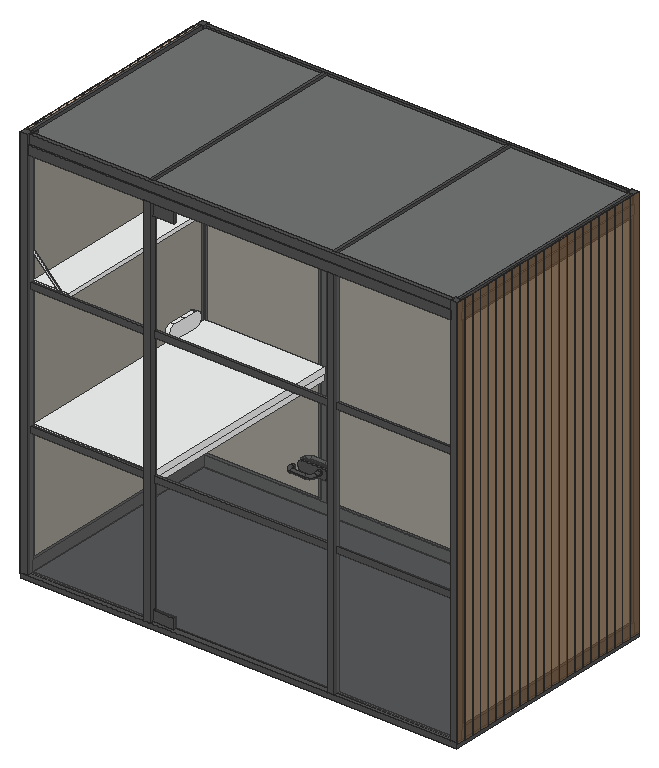
Revit family "BDG_BossDesign_MEWS_FP", category Furniture, Revit 2018
Family settings
  Work Plane-Based = No
  Always vertical = Yes
  Cut with Voids When Loaded = No
  Shared = Yes
  Room Calculation Point = No
Parameters (values of type "Mews_OP POD")
  Version = "1"
  UpholsteredPanelMaterial [instance] = BDG_Camira_Fabric_Lucia-AdoboYB165
  URL = "www.bossdesign.com"
  TimberCladdingMaterial [instance] = BDG_Oak_Finish
  Table Material [instance] = BDG_Table Top - White Laminate
  Size = "1265 x 2430 x 2225mm"
  ShelfMaterial [instance] = BDG_Table Top - White Laminate
  Shape = "Rectangular"
  ProductInformation = "https://www.bossdesign.com/product-list/mews/"
  Nominal Width = 2430 mm
  Nominal Height = 2225 mm
  Nominal Depth = 1265 mm
  Name = "Mews_BossDesign"
  ModelReference = "Mews"
  ModelNumber = "Mews_FP"
  Model = ModelNumber  # "Mews_FP"
  Material = "Glass"
  ManufacturerURL = "www.bossdesign.com"
  ManufacturerName = "Boss Design"  # constant formula
  Manufacturer = "sales@bossdesign.com"
  LightMaterial [instance] = BDG_Generic_Metal_PowderCoat_White
  Keynote = ""
  Grade = "n/a"
  FrameMaterial [instance] = BDG_Generic_Metal_PowderCoat_Black
  FloorMaterial = BDG_Camira_Fabric_Lucia-SombreroYB046
  Finish = ""
  Features = "Powder coated frame"
  Description = ModelReference  # "Mews"
  ContactTelephoneNumber = "+44 (0) 1384 455570"  # constant formula
  BIMObjectName = "BDG_BossDesign_Mews_FP"
  Author = "Arc10"  # constant formula
  Assembly Code = ""
  AcousticCeilingMaterial = BDG_Camira_Fabric_Nexus_PewterUNY01
Reference planes
  plane 1 "Back": y = -0.5
  plane 2: z = 0
  plane 3 "Center (Left/Right)": x = 0
  plane 4 "ll": z = 0
  plane 5 "cc": z = 25
  plane 6: x = -1215
  plane 7: x = 1215
  plane 8: y = 632
  plane 9: y = -633
  plane 10: x = -1179.5
  plane 11: y = -598
  plane 12: x = 1179.5
  plane 13: y = 597
  plane 14 "hh": z = 2225
  plane 15 "ii": z = 2125
  plane 16 "jj": z = 2175
  plane 17: y = 607
  plane 18: y = 622
  plane 19: y = -623
  plane 20: y = -608
  plane 21: x = -1205
  plane 22: x = -1189.5
  plane 23: x = 1189.5
  plane 24: x = 1205
  plane 25 "kk": z = 85
  plane 26 "mm": z = 95
  plane 27: y = 587
  plane 28: y = -588
  plane 29 "nn": z = 2115
  plane 30: x = -1213
  plane 31: x = -1211
  plane 32: x = -1181.5
  plane 33: x = -1183.5
  plane 34: x = 1213
  plane 35: x = 1211
  plane 36: x = 1181.5
  plane 37: x = 1183.5
  plane 38: x = 529.5
  plane 39: x = 494
  plane 40: x = -529.5
  plane 41: x = -494
  plane 42: x = -539.5
  plane 43: x = -484
  plane 44: x = 484
  plane 45: x = 539.5
  plane 46: x = -1169.5
  plane 47: x = 1169.5
  plane 48: y = 599
  plane 49: y = 601
  plane 50: y = 630
  plane 51: y = 628
  plane 52: y = 562
  plane 53: x = -475
  plane 54: x = 475
  plane 55 "oo": z = 725
  plane 56 "pp": z = 700
Forms (mm)
  Extrusion 1, solid, material "BDG_Generic_Metal_PowderCoat_Black" <- "FrameMaterial"
    sketch origin (0, 0, 2125) x (-1, 0, 0) y (0, -1, 0)
      loop
        line (-1179.5, -632) -> (-1179.5, -597) -> (-1215, -597) -> (-1215, -632) -> (-1179.5, -632)
    from 100 to -2100
  Extrusion 2, solid, material "BDG_Generic_Metal_PowderCoat_Black" <- "FrameMaterial"
    sketch origin (0, 0, 2125) x (-1, 0, 0) y (0, -1, 0)
      loop
        line (1215, -632) -> (1215, -597) -> (1179.5, -597) -> (1179.5, -632) -> (1215, -632)
    from 100 to -2100
  Extrusion 3, solid, material "BDG_Generic_Metal_PowderCoat_Black" <- "FrameMaterial"
    sketch origin (0, 0, 2125) x (-1, 0, 0) y (0, -1, 0)
      loop
        line (-1179.5, 598) -> (-1179.5, 633) -> (-1215, 633) -> (-1215, 598) -> (-1179.5, 598)
    from 100 to -2100
  Extrusion 4, solid, material "BDG_Generic_Metal_PowderCoat_Black" <- "FrameMaterial"
    sketch origin (0, 0, 2125) x (-1, 0, 0) y (0, -1, 0)
      loop
        line (1215, 598) -> (1215, 633) -> (1179.5, 633) -> (1179.5, 598) -> (1215, 598)
    from 100 to -2100
  Extrusion 5, solid, material "BDG_Camira_Fabric_Lucia-SombreroYB046" <- "FloorMaterial"
    sketch origin (0, 0, 2125) x (-1, 0, 0) y (0, -1, 0)
      loop
        line (1179.5, -597) -> (1179.5, 598) -> (-1179.5, 598) -> (-1179.5, -597) -> (1179.5, -597)
    from -2100 to -2125
  Extrusion 6, solid, material "BDG_Generic_Metal_PowderCoat_Black" <- "FrameMaterial"
    sketch origin (480, 0, 2125) x (-1, 0, 0) y (0, -1, 0)
      loop
        line (1659.5, 598) -> (1659.5, 633) -> (-699.5, 633) -> (-699.5, 598) -> (1659.5, 598)
    from 50 to 0
  Extrusion 7, solid, material "BDG_Generic_Metal_PowderCoat_Black" <- "FrameMaterial"
    sketch origin (480, 700, 2125) x (-1, 0, 0) y (0, -1, 0)
      loop
        line (1659.5, 68) -> (1659.5, 103) -> (-699.5, 103) -> (-699.5, 68) -> (1659.5, 68)
    from 50 to 0
  Extrusion 8, solid, material "BDG_Generic_Metal_PowderCoat_Black" <- "FrameMaterial"
    sketch origin (480, 0, 2425) x (-1, 0, 0) y (0, -1, 0)
      loop
        line (1659.5, -622) -> (1659.5, -607) -> (-699.5, -607) -> (-699.5, -622) -> (1659.5, -622)
    from -200 to -250
  Extrusion 9, solid, material "BDG_Generic_Metal_PowderCoat_Black" <- "FrameMaterial"
    sketch origin (480, -1000, 2425) x (-1, 0, 0) y (0, -1, 0)
      loop
        line (1659.5, -392) -> (1659.5, -377) -> (-699.5, -377) -> (-699.5, -392) -> (1659.5, -392)
    from -200 to -250
  Extrusion 10, solid, material "BDG_Generic_Metal_PowderCoat_Black" <- "FrameMaterial"
    sketch origin (480, -875, 2425) x (-1, 0, 0) y (0, -1, 0)
      loop
        line (-709.5, -1472) -> (-709.5, -277) -> (-725, -277) -> (-725, -1472) -> (-709.5, -1472)
    from -200 to -250
  Extrusion 11, solid, material "BDG_Generic_Metal_PowderCoat_Black" <- "FrameMaterial"
    sketch origin (480, -805, 2425) x (-1, 0, 0) y (0, -1, 0)
      loop
        line (1685, -1402) -> (1685, -207) -> (1669.5, -207) -> (1669.5, -1402) -> (1685, -1402)
    from -200 to -250
  Extrusion 12, solid, material "BDG_Generic_Metal_PowderCoat_Black" <- "FrameMaterial"
    sketch origin (480, 140, 2125) x (-1, 0, 0) y (0, -1, 0)
      loop
        line (1695, -457) -> (1695, 738) -> (1659.5, 738) -> (1659.5, -457) -> (1695, -457)
    from 50 to 0
  Extrusion 13, solid, material "BDG_Generic_Metal_PowderCoat_Black" <- "FrameMaterial"
    sketch origin (480, 235, 2125) x (-1, 0, 0) y (0, -1, 0)
      loop
        line (-699.5, -362) -> (-699.5, 833) -> (-735, 833) -> (-735, -362) -> (-699.5, -362)
    from 50 to 0
  Extrusion 14, solid, material "BDG_Generic_Metal_PowderCoat_Black" <- "FrameMaterial"
    sketch origin (0, -1020, 2125) x (-1, 0, 0) y (0, -1, 0)
      loop
        line (1215, -422) -> (1215, -387) -> (-1215, -387) -> (-1215, -422) -> (1215, -422)
    from -2100 to -2125
  Extrusion 15, solid, material "BDG_Generic_Metal_PowderCoat_Black" <- "FrameMaterial"
    sketch origin (0, -1420, 2125) x (-1, 0, 0) y (0, -1, 0)
      loop
        line (1215, -2052) -> (1215, -2017) -> (-1215, -2017) -> (-1215, -2052) -> (1215, -2052)
    from -2100 to -2125
  Extrusion 16, solid, material "BDG_Generic_Metal_PowderCoat_Black" <- "FrameMaterial"
    sketch origin (0, -1760, 2125) x (-1, 0, 0) y (0, -1, 0)
      loop
        line (-1179.5, -2357) -> (-1179.5, -1162) -> (-1215, -1162) -> (-1215, -2357) -> (-1179.5, -2357)
    from -2100 to -2125
  Extrusion 17, solid, material "BDG_Generic_Metal_PowderCoat_Black" <- "FrameMaterial"
    sketch origin (0, -1960, 2125) x (-1, 0, 0) y (0, -1, 0)
      loop
        line (1215, -2592) -> (1215, -1327) -> (1179.5, -1327) -> (1179.5, -2592) -> (1215, -2592)
    from -2100 to -2125
  Extrusion 18, solid, material "BDG_Generic_Metal_PowderCoat_Black" <- "FrameMaterial"
    sketch origin (0, 180, 2125) x (-1, 0, 0) y (0, -1, 0)
      loop
        line (1215, -417) -> (1215, 778) -> (1179.5, 778) -> (1179.5, -417) -> (1215, -417)
    from -2040 to -2100
  Extrusion 19, solid, material "BDG_Generic_Metal_PowderCoat_Black" <- "FrameMaterial"
    sketch origin (0, 0, 0) x (0, 1, 0) y (0, 0, 1)
      loop
        line (-598, 2125) -> (-598, 85) -> (597, 85) -> (597, 2125) -> (-598, 2125)
      loop
        line (587, 95) -> (587, 2115) -> (-588, 2115) -> (-588, 95) -> (587, 95)
    from -1181.5 to -1213
  Extrusion 20, solid, material "BDG_Camira_Fabric_Lucia-AdoboYB165" <- "UpholsteredPanelMaterial"
    sketch origin (45, 0, 0) x (0, 1, 0) y (0, 0, 1)
      loop
        line (587, 95) -> (587, 2115) -> (-588, 2115) -> (-588, 95) -> (587, 95)
    from -1228.5 to -1256
  Extrusion 21, solid, material "BDG_Generic_Metal_PowderCoat_Black" <- "FrameMaterial"
    sketch origin (885, 0, 0) x (0, 1, 0) y (0, 0, 1)
      loop
        line (-598, 2125) -> (-598, 85) -> (597, 85) -> (597, 2125) -> (-598, 2125)
      loop
        line (587, 95) -> (587, 2115) -> (-588, 2115) -> (-588, 95) -> (587, 95)
    from 328 to 296.5
  Extrusion 22, solid, material "BDG_Camira_Fabric_Lucia-AdoboYB165" <- "UpholsteredPanelMaterial"
    sketch origin (930, 0, 0) x (0, 1, 0) y (0, 0, 1)
      loop
        line (587, 95) -> (587, 2115) -> (-588, 2115) -> (-588, 95) -> (587, 95)
    from 281 to 253.5
  Extrusion 23, solid, material "BDG_Generic_Metal_PowderCoat_Black" <- "FrameMaterial"
    sketch origin (880, 180, 2125) x (-1, 0, 0) y (0, -1, 0)
      loop
        line (-299.5, -417) -> (-299.5, 778) -> (-335, 778) -> (-335, -417) -> (-299.5, -417)
    from -2040 to -2100
  Extrusion 24, solid, material "BDG_Generic_Metal_PowderCoat_Black" <- "FrameMaterial"
    sketch origin (410, 0, 2125) x (-1, 0, 0) y (0, -1, 0)
      loop
        line (939.5, -632) -> (939.5, -597) -> (904, -597) -> (904, -632) -> (939.5, -632)
    from 0 to -2040
  Extrusion 25, solid, material "BDG_Generic_Metal_PowderCoat_Black" <- "FrameMaterial"
    sketch origin (775, 0, 2125) x (-1, 0, 0) y (0, -1, 0)
      loop
        line (281, -632) -> (281, -597) -> (245.5, -597) -> (245.5, -632) -> (281, -632)
    from 0 to -2040
  Extrusion 26, solid, material "BDG_Generic_Metal_PowderCoat_Black" <- "FrameMaterial"
    sketch origin (-459.251, -731.081, 0) x (1, 0, 0) y (0, 0, 1)
      loop
        line (-720.249, 2125) -> (-720.249, 85) -> (-70.249, 85) -> (-70.249, 2125) -> (-720.249, 2125)
      loop
        line (-80.249, 95) -> (-80.249, 2115) -> (-710.249, 2115) -> (-710.249, 95) -> (-80.249, 95)
    from -1330.081 to -1361.081
  Extrusion 27, solid, material "BDG_Generic_Metal_PowderCoat_Black" <- "FrameMaterial"
    sketch origin (-564.249, -731.081, 0) x (-1, 0, 0) y (0, 0, -1)
      loop
        line (-1058.249, -2125) -> (-70.249, -2125) -> (-70.249, -85) -> (-1058.249, -85) -> (-1058.249, -2125)
      loop
        line (-80.249, -95) -> (-1048.249, -95) -> (-1048.249, -2115) -> (-80.249, -2115) -> (-80.249, -95)
    from -1330.081 to -1361.081
  Extrusion 28, solid, material "BDG_Generic_Metal_PowderCoat_Black" <- "FrameMaterial"
    sketch origin (459.251, -731.081, 0) x (-1, 0, 0) y (0, 0, -1)
      loop
        line (-720.249, -2125) -> (-70.249, -2125) -> (-70.249, -85) -> (-720.249, -85) -> (-720.249, -2125)
      loop
        line (-80.249, -95) -> (-710.249, -95) -> (-710.249, -2115) -> (-80.249, -2115) -> (-80.249, -95)
    from -1330.081 to -1361.081
  Extrusion 29, solid, material "BDG_Generic_Metal_PowderCoat_Black" <- "FrameMaterial"
    sketch origin (60, 180, 2125) x (-1, 0, 0) y (0, -1, 0)
      loop
        line (1239.5, -452) -> (1239.5, -417) -> (-1119.5, -417) -> (-1119.5, -452) -> (1239.5, -452)
    from -2040 to -2100
  Extrusion 30, solid, material "BDG_Camira_Fabric_Lucia-AdoboYB165" <- "UpholsteredPanelMaterial"
    sketch origin (325, 0, 0) x (0, 1, 0) y (0, 0, 1)
      loop
        line (628, 95) -> (628, 2115) -> (601, 2115) -> (601, 95) -> (628, 95)
    from -864.5 to -1494.5
  Extrusion 31, solid, material "BDG_Camira_Fabric_Lucia-AdoboYB165" <- "UpholsteredPanelMaterial"
    sketch origin (1065, 0, 0) x (0, 1, 0) y (0, 0, 1)
      loop
        line (628, 95) -> (628, 2115) -> (601, 2115) -> (601, 95) -> (628, 95)
    from -581 to -1549
  Extrusion 32, solid, material "BDG_Camira_Fabric_Lucia-AdoboYB165" <- "UpholsteredPanelMaterial"
    sketch origin (1945, 0, 0) x (0, 1, 0) y (0, 0, 1)
      loop
        line (628, 95) -> (628, 2115) -> (601, 2115) -> (601, 95) -> (628, 95)
    from -775.5 to -1405.5
  Extrusion 33, solid, material "BDG_Generic_Metal_PowderCoat_Black" <- "FrameMaterial"
    sketch origin (-2010, 10000, 2125) x (-1, 0, 0) y (0, -1, 0)
      loop
        line (-837.5, 10583) -> (-837.5, 10608) -> (-846.5, 10608) -> (-846.5, 10583) -> (-837.5, 10583)
    from 100 to 50
  Extrusion 34, solid, material "BDG_Generic_Metal_PowderCoat_White" <- "LightMaterial", not visible
    sketch origin (-0.791, 1999.5, 2125) x (-1, 0, 0) y (0, -1, 0)
      loop
        circle (0, 2000) r 48
    from -569.81 to -581.311
  Extrusion 35, solid, material "BDG_Generic_Metal_PowderCoat_White" <- "LightMaterial", not visible
    sketch origin (-0.791, 1999.5, 2105) x (-1, 0, 0) y (0, -1, 0)
      loop
        circle (0, 2000) r 44
    from -561.311 to -634.817
  Extrusion 36, solid, material "BDG_Generic_Metal_PowderCoat_White" <- "LightMaterial", not visible
    sketch origin (-0.791, 1999.5, 2150) x (-1, 0, 0) y (0, -1, 0)
      loop
        circle (0, 2000) r 3
    from -25 to -594.81
  Sweep 37, void, not visible
    path in 3D
      loop
        arc (47.209, -0.5, 1555.19) -> (-0.791, -48.5, 1555.19) -> (-48.791, -0.5, 1555.19) r 48
    profile origin (-0.791, -48.5, 1555.19) x (0, -1, 0) y (0, 0, 1)
      loop
        line (0, 0) -> (-5.75, 0)
        arc (-5.75, 0) -> (-1.684, -1.684) -> (0, -5.75) r 5.75
        line (0, -5.75) -> (0, 0)
  Sweep 38, void, not visible
    path in 3D
      loop
        arc (47.209, -0.5, 1555.19) -> (-0.791, 47.5, 1555.19) -> (-48.791, -0.5, 1555.19) r 48
    profile origin (-0.791, 47.5, 1555.19) x (0, -1, 0) y (0, 0, 1)
      loop
        line (0, 0) -> (0, -5.75)
        arc (0, -5.75) -> (1.684, -1.684) -> (5.75, 0) r 5.75
        line (5.75, 0) -> (0, 0)
  Sweep 39, void, not visible
    path in 3D
      loop
        arc (47.209, -0.5, 1543.689) -> (-0.791, -48.5, 1543.689) -> (-48.791, -0.5, 1543.689) r 48
    profile origin (-0.791, -48.5, 1543.689) x (0, 1, 0) y (0, 0, -1)
      loop
        line (0, 0) -> (0, -5.75)
        arc (0, -5.75) -> (1.684, -1.684) -> (5.75, 0) r 5.75
        line (5.75, 0) -> (0, 0)
  Sweep 40, void, not visible
    path in 3D
      loop
        arc (47.209, -0.5, 1543.689) -> (-0.791, 47.5, 1543.689) -> (-48.791, -0.5, 1543.689) r 48
    profile origin (-0.791, 47.5, 1543.689) x (0, 1, 0) y (0, 0, -1)
      loop
        line (0, 0) -> (-5.75, 0)
        arc (-5.75, 0) -> (-1.684, -1.684) -> (0, -5.75) r 5.75
        line (0, -5.75) -> (0, 0)
  Extrusion 41, solid, material "BDG_Generic_Metal_PowderCoat_White" <- "LightMaterial", not visible
    sketch origin (-0.791, 1999.5, 2040.198) x (-1, 0, 0) y (0, -1, 0)
      loop
        circle (0, 2000) r 48
    from -569.81 to -581.311
  Sweep 42, void, not visible
    path in 3D
      loop
        arc (47.209, -0.5, 1470.388) -> (-0.791, -48.5, 1470.388) -> (-48.791, -0.5, 1470.388) r 48
    profile origin (-0.791, -48.5, 1470.388) x (0, -1, 0) y (0, 0, 1)
      loop
        line (0, 0) -> (-5.75, 0)
        arc (-5.75, 0) -> (-1.684, -1.684) -> (0, -5.75) r 5.75
        line (0, -5.75) -> (0, 0)
  Sweep 43, void, not visible
    path in 3D
      loop
        arc (47.209, -0.5, 1470.388) -> (-0.791, 47.5, 1470.388) -> (-48.791, -0.5, 1470.388) r 48
    profile origin (-0.791, 47.5, 1470.388) x (0, -1, 0) y (0, 0, 1)
      loop
        line (0, 0) -> (0, -5.75)
        arc (0, -5.75) -> (1.684, -1.684) -> (5.75, 0) r 5.75
        line (5.75, 0) -> (0, 0)
  Sweep 44, void, not visible
    path in 3D
      loop
        arc (47.209, -0.5, 1458.887) -> (-0.791, -48.5, 1458.887) -> (-48.791, -0.5, 1458.887) r 48
    profile origin (-0.791, -48.5, 1458.887) x (0, 1, 0) y (0, 0, -1)
      loop
        line (0, 0) -> (0, -5.75)
        arc (0, -5.75) -> (1.684, -1.684) -> (5.75, 0) r 5.75
        line (5.75, 0) -> (0, 0)
  Sweep 45, void, not visible
    path in 3D
      loop
        arc (47.209, -0.5, 1458.887) -> (-0.791, 47.5, 1458.887) -> (-48.791, -0.5, 1458.887) r 48
    profile origin (-0.791, 47.5, 1458.887) x (0, 1, 0) y (0, 0, -1)
      loop
        line (0, 0) -> (-5.75, 0)
        arc (-5.75, 0) -> (-1.684, -1.684) -> (0, -5.75) r 5.75
        line (0, -5.75) -> (0, 0)
  Extrusion 46, solid, material "BDG_Generic_Metal_PowderCoat_White" <- "LightMaterial", not visible
    sketch origin (-0.791, 1999.5, 1843.415) x (-1, 0, 0) y (0, -1, 0)
      loop
        circle (0, 2000) r 162.5
      loop
        circle (0, 2000) r 145
    from -569.81 to -581.311
  Sweep 47, void, not visible
    path in 3D
      loop
        arc (161.709, -0.5, 1273.605) -> (-0.791, -163, 1273.605) -> (-163.291, -0.5, 1273.605) r 162.5
    profile origin (-0.791, -163, 1273.605) x (0, -1, 0) y (0, 0, 1)
      loop
        line (0, 0) -> (-5.75, 0)
        arc (-5.75, 0) -> (-1.684, -1.684) -> (0, -5.75) r 5.75
        line (0, -5.75) -> (0, 0)
  Sweep 48, void, not visible
    path in 3D
      loop
        arc (161.709, -0.5, 1273.605) -> (-0.791, 162, 1273.605) -> (-163.291, -0.5, 1273.605) r 162.5
    profile origin (-0.791, 162, 1273.605) x (0, -1, 0) y (0, 0, 1)
      loop
        line (0, 0) -> (0, -5.75)
        arc (0, -5.75) -> (1.684, -1.684) -> (5.75, 0) r 5.75
        line (5.75, 0) -> (0, 0)
  Sweep 49, void, not visible
    path in 3D
      loop
        arc (161.709, -0.5, 1262.104) -> (-0.791, -163, 1262.104) -> (-163.291, -0.5, 1262.104) r 162.5
    profile origin (-0.791, -163, 1262.104) x (0, 1, 0) y (0, 0, -1)
      loop
        line (0, 0) -> (0, -5.75)
        arc (0, -5.75) -> (1.684, -1.684) -> (5.75, 0) r 5.75
        line (5.75, 0) -> (0, 0)
  Sweep 50, void, not visible
    path in 3D
      loop
        arc (161.709, -0.5, 1262.104) -> (-0.791, 162, 1262.104) -> (-163.291, -0.5, 1262.104) r 162.5
    profile origin (-0.791, 162, 1262.104) x (0, 1, 0) y (0, 0, -1)
      loop
        line (0, 0) -> (-5.75, 0)
        arc (-5.75, 0) -> (-1.684, -1.684) -> (0, -5.75) r 5.75
        line (0, -5.75) -> (0, 0)
  Extrusion 51, solid, material "BDG_Generic_Metal_PowderCoat_White" <- "LightMaterial", not visible
    sketch origin (-0.791, 1999.5, 1948.415) x (-1, 0, 0) y (0, -1, 0)
      loop
        circle (0, 2000) r 140
      loop
        circle (0, 2000) r 125
    from -569.81 to -581.311
  Sweep 52, void, not visible
    path in 3D
      loop
        arc (139.209, -0.5, 1378.605) -> (-0.791, -140.5, 1378.605) -> (-140.791, -0.5, 1378.605) r 140
    profile origin (-0.791, -140.5, 1378.605) x (0, -1, 0) y (0, 0, 1)
      loop
        line (0, 0) -> (-5.75, 0)
        arc (-5.75, 0) -> (-1.684, -1.684) -> (0, -5.75) r 5.75
        line (0, -5.75) -> (0, 0)
  Sweep 53, void, not visible
    path in 3D
      loop
        arc (139.209, -0.5, 1378.605) -> (-0.791, 139.5, 1378.605) -> (-140.791, -0.5, 1378.605) r 140
    profile origin (-0.791, 139.5, 1378.605) x (0, -1, 0) y (0, 0, 1)
      loop
        line (0, 0) -> (0, -5.75)
        arc (0, -5.75) -> (1.684, -1.684) -> (5.75, 0) r 5.75
        line (5.75, 0) -> (0, 0)
  Sweep 54, void, not visible
    path in 3D
      loop
        arc (139.209, -0.5, 1367.104) -> (-0.791, -140.5, 1367.104) -> (-140.791, -0.5, 1367.104) r 140
    profile origin (-0.791, -140.5, 1367.104) x (0, 1, 0) y (0, 0, -1)
      loop
        line (0, 0) -> (0, -5.75)
        arc (0, -5.75) -> (1.684, -1.684) -> (5.75, 0) r 5.75
        line (5.75, 0) -> (0, 0)
  Sweep 55, void, not visible
    path in 3D
      loop
        arc (139.209, -0.5, 1367.104) -> (-0.791, 139.5, 1367.104) -> (-140.791, -0.5, 1367.104) r 140
    profile origin (-0.791, 139.5, 1367.104) x (0, 1, 0) y (0, 0, -1)
      loop
        line (0, 0) -> (-5.75, 0)
        arc (-5.75, 0) -> (-1.684, -1.684) -> (0, -5.75) r 5.75
        line (0, -5.75) -> (0, 0)
  Revolve 56, solid, material "BDG_Generic_Metal_PowderCoat_White" <- "LightMaterial", not visible
    sketch origin (-10237.994, 1565.822, 0) x (-0.988496, 0.151244, 0) y (0, 0, 1)
      loop
        arc (-10506.24, 1273.4) -> (-10477.932, 1380.206) -> (-10395.157, 1453.4) r 190.754
        line (-10395.157, 1453.4) -> (-10356.243, 1453.4) -> (-10356.243, 1458.4) -> (-10396.243, 1458.4)
        arc (-10396.243, 1458.4) -> (-10481.852, 1383.373) -> (-10511.243, 1273.4) r 195.754
        line (-10511.243, 1273.4) -> (-10506.24, 1273.4)
      axis (-10356.243, 1458.4) -> (-10356.243, 1273.4)
    angle from 0 to 360
  Extrusion 57, solid, material "BDG_Generic_Metal_PowderCoat_Black" <- "FrameMaterial"
    sketch origin (410, -1230, 2125) x (-1, 0, 0) y (0, -1, 0)
      loop
        line (939.5, -632) -> (939.5, -597) -> (904, -597) -> (904, -632) -> (939.5, -632)
    from 0 to -2100
  Extrusion 58, solid, material "BDG_Generic_Metal_PowderCoat_Black" <- "FrameMaterial"
    sketch origin (775, -1230, 2125) x (-1, 0, 0) y (0, -1, 0)
      loop
        line (281, -632) -> (281, -597) -> (245.5, -597) -> (245.5, -632) -> (281, -632)
    from 0 to -2100
  Extrusion 59, solid, material "BDG_Generic_Glass_Clear"
    sketch origin (2620, 809.5, 2132) x (-1, 0, 0) y (0, -1, 0)
      loop
        line (2090.5, 1420) -> (2090.5, 1426) -> (1440.5, 1426) -> (1440.5, 1420) -> (2090.5, 1420)
    from -2107 to -7
  Extrusion 60, solid, material "BDG_Generic_Metal_PowderCoat_Black" <- "FrameMaterial"
    sketch origin (4923.41, 2, 1349) x (-1, 0, 0) y (0, -1, 0)
      loop
        line (4393.91, 610) -> (4393.91, 621) -> (3743.91, 621) -> (3743.91, 610) -> (4393.91, 610)
    from -587 to -622
  Extrusion 61, solid, material "BDG_Generic_Metal_PowderCoat_Black" <- "FrameMaterial"
    sketch origin (4923.41, 2, 2069) x (-1, 0, 0) y (0, -1, 0)
      loop
        line (4393.91, 621) -> (3743.91, 621) -> (3743.91, 610) -> (4393.91, 610) -> (4393.91, 621)
    from -587 to -622
  Extrusion 62, solid, material "BDG_Generic_Glass_Clear"
    sketch origin (911, 809.5, 2132) x (-1, 0, 0) y (0, -1, 0)
      loop
        line (2090.5, 1420) -> (2090.5, 1426) -> (1440.5, 1426) -> (1440.5, 1420) -> (2090.5, 1420)
    from -2107 to -7
  Extrusion 63, solid, material "BDG_Generic_Metal_PowderCoat_Black" <- "FrameMaterial"
    sketch origin (3214.41, 2, 1349) x (-1, 0, 0) y (0, -1, 0)
      loop
        line (4393.91, 610) -> (4393.91, 621) -> (3743.91, 621) -> (3743.91, 610) -> (4393.91, 610)
    from -587 to -622
  Extrusion 64, solid, material "BDG_Generic_Metal_PowderCoat_Black" <- "FrameMaterial"
    sketch origin (3214.41, 2, 2069) x (-1, 0, 0) y (0, -1, 0)
      loop
        line (4393.91, 621) -> (3743.91, 621) -> (3743.91, 610) -> (4393.91, 610) -> (4393.91, 621)
    from -587 to -622
  Extrusion 65, solid, material "BDG_Oak_Finish" <- "TimberCladdingMaterial"
    sketch origin (-25.048, -647.396, 2125) x (0, 1, 0) y (-1, 0, 0)
      loop
        line (116.896, 1194.952) -> (66.896, 1194.952) -> (66.896, 1189.952) -> (121.896, 1189.952) -> (121.896, 1193.952) -> (116.896, 1193.952) -> (116.896, 1194.952)
    from 100 to -2107
  Extrusion 66, solid, material "BDG_Oak_Finish" <- "TimberCladdingMaterial"
    sketch origin (-25.048, -702.396, 2125) x (0, 1, 0) y (-1, 0, 0)
      loop
        line (116.896, 1194.952) -> (69.396, 1194.952) -> (69.396, 1189.952) -> (121.896, 1189.952) -> (121.896, 1193.952) -> (116.896, 1193.952) -> (116.896, 1194.952)
    from 100 to -2107
  Extrusion 67, solid, material "BDG_Oak_Finish" <- "TimberCladdingMaterial"
    sketch origin (-25.048, -592.396, 2125) x (0, 1, 0) y (-1, 0, 0)
      loop
        line (116.896, 1194.952) -> (66.896, 1194.952) -> (66.896, 1189.952) -> (121.896, 1189.952) -> (121.896, 1193.952) -> (116.896, 1193.952) -> (116.896, 1194.952)
    from 100 to -2107
  Extrusion 68, solid, material "BDG_Oak_Finish" <- "TimberCladdingMaterial"
    sketch origin (-25.048, -537.396, 2125) x (0, 1, 0) y (-1, 0, 0)
      loop
        line (116.896, 1194.952) -> (66.896, 1194.952) -> (66.896, 1189.952) -> (121.896, 1189.952) -> (121.896, 1193.952) -> (116.896, 1193.952) -> (116.896, 1194.952)
    from 100 to -2107
  Extrusion 69, solid, material "BDG_Oak_Finish" <- "TimberCladdingMaterial"
    sketch origin (-25.048, -482.396, 2125) x (0, 1, 0) y (-1, 0, 0)
      loop
        line (116.896, 1194.952) -> (66.896, 1194.952) -> (66.896, 1189.952) -> (121.896, 1189.952) -> (121.896, 1193.952) -> (116.896, 1193.952) -> (116.896, 1194.952)
    from 100 to -2107
  Extrusion 70, solid, material "BDG_Oak_Finish" <- "TimberCladdingMaterial"
    sketch origin (-25.048, -427.396, 2125) x (0, 1, 0) y (-1, 0, 0)
      loop
        line (116.896, 1194.952) -> (66.896, 1194.952) -> (66.896, 1189.952) -> (121.896, 1189.952) -> (121.896, 1193.952) -> (116.896, 1193.952) -> (116.896, 1194.952)
    from 100 to -2107
  Extrusion 71, solid, material "BDG_Oak_Finish" <- "TimberCladdingMaterial"
    sketch origin (-25.048, -372.396, 2125) x (0, 1, 0) y (-1, 0, 0)
      loop
        line (116.896, 1194.952) -> (66.896, 1194.952) -> (66.896, 1189.952) -> (121.896, 1189.952) -> (121.896, 1193.952) -> (116.896, 1193.952) -> (116.896, 1194.952)
    from 100 to -2107
  Extrusion 72, solid, material "BDG_Oak_Finish" <- "TimberCladdingMaterial"
    sketch origin (-25.048, -317.396, 2125) x (0, 1, 0) y (-1, 0, 0)
      loop
        line (116.896, 1194.952) -> (66.896, 1194.952) -> (66.896, 1189.952) -> (121.896, 1189.952) -> (121.896, 1193.952) -> (116.896, 1193.952) -> (116.896, 1194.952)
    from 100 to -2107
  Extrusion 73, solid, material "BDG_Oak_Finish" <- "TimberCladdingMaterial"
    sketch origin (-25.048, -262.396, 2125) x (0, 1, 0) y (-1, 0, 0)
      loop
        line (116.896, 1194.952) -> (66.896, 1194.952) -> (66.896, 1189.952) -> (121.896, 1189.952) -> (121.896, 1193.952) -> (116.896, 1193.952) -> (116.896, 1194.952)
    from 100 to -2107
  Extrusion 74, solid, material "BDG_Oak_Finish" <- "TimberCladdingMaterial"
    sketch origin (-25.048, -207.396, 2125) x (0, 1, 0) y (-1, 0, 0)
      loop
        line (116.896, 1194.952) -> (66.896, 1194.952) -> (66.896, 1189.952) -> (121.896, 1189.952) -> (121.896, 1193.952) -> (116.896, 1193.952) -> (116.896, 1194.952)
    from 100 to -2107
  Extrusion 75, solid, material "BDG_Oak_Finish" <- "TimberCladdingMaterial"
    sketch origin (-25.048, -152.396, 2125) x (0, 1, 0) y (-1, 0, 0)
      loop
        line (116.896, 1194.952) -> (66.896, 1194.952) -> (66.896, 1189.952) -> (121.896, 1189.952) -> (121.896, 1193.952) -> (116.896, 1193.952) -> (116.896, 1194.952)
    from 100 to -2107
  Extrusion 76, solid, material "BDG_Oak_Finish" <- "TimberCladdingMaterial"
    sketch origin (-25.048, -97.396, 2125) x (0, 1, 0) y (-1, 0, 0)
      loop
        line (116.896, 1194.952) -> (66.896, 1194.952) -> (66.896, 1189.952) -> (121.896, 1189.952) -> (121.896, 1193.952) -> (116.896, 1193.952) -> (116.896, 1194.952)
    from 100 to -2107
  Extrusion 77, solid, material "BDG_Oak_Finish" <- "TimberCladdingMaterial"
    sketch origin (-25.048, -42.396, 2125) x (0, 1, 0) y (-1, 0, 0)
      loop
        line (116.896, 1194.952) -> (66.896, 1194.952) -> (66.896, 1189.952) -> (121.896, 1189.952) -> (121.896, 1193.952) -> (116.896, 1193.952) -> (116.896, 1194.952)
    from 100 to -2107
  Extrusion 78, solid, material "BDG_Oak_Finish" <- "TimberCladdingMaterial"
    sketch origin (-25.048, 12.604, 2125) x (0, 1, 0) y (-1, 0, 0)
      loop
        line (116.896, 1194.952) -> (66.896, 1194.952) -> (66.896, 1189.952) -> (121.896, 1189.952) -> (121.896, 1193.952) -> (116.896, 1193.952) -> (116.896, 1194.952)
    from 100 to -2107
  Extrusion 79, solid, material "BDG_Oak_Finish" <- "TimberCladdingMaterial"
    sketch origin (-25.048, 67.604, 2125) x (0, 1, 0) y (-1, 0, 0)
      loop
        line (116.896, 1194.952) -> (66.896, 1194.952) -> (66.896, 1189.952) -> (121.896, 1189.952) -> (121.896, 1193.952) -> (116.896, 1193.952) -> (116.896, 1194.952)
    from 100 to -2107
  Extrusion 80, solid, material "BDG_Oak_Finish" <- "TimberCladdingMaterial"
    sketch origin (-25.048, 122.604, 2125) x (0, 1, 0) y (-1, 0, 0)
      loop
        line (116.896, 1194.952) -> (66.896, 1194.952) -> (66.896, 1189.952) -> (121.896, 1189.952) -> (121.896, 1193.952) -> (116.896, 1193.952) -> (116.896, 1194.952)
    from 100 to -2107
  Extrusion 81, solid, material "BDG_Oak_Finish" <- "TimberCladdingMaterial"
    sketch origin (-25.048, 177.604, 2125) x (0, 1, 0) y (-1, 0, 0)
      loop
        line (116.896, 1194.952) -> (66.896, 1194.952) -> (66.896, 1189.952) -> (121.896, 1189.952) -> (121.896, 1193.952) -> (116.896, 1193.952) -> (116.896, 1194.952)
    from 100 to -2107
  Extrusion 82, solid, material "BDG_Oak_Finish" <- "TimberCladdingMaterial"
    sketch origin (-25.048, 232.604, 2125) x (0, 1, 0) y (-1, 0, 0)
      loop
        line (116.896, 1194.952) -> (66.896, 1194.952) -> (66.896, 1189.952) -> (121.896, 1189.952) -> (121.896, 1193.952) -> (116.896, 1193.952) -> (116.896, 1194.952)
    from 100 to -2107
  Extrusion 83, solid, material "BDG_Oak_Finish" <- "TimberCladdingMaterial"
    sketch origin (-25.048, 287.604, 2125) x (0, 1, 0) y (-1, 0, 0)
      loop
        line (116.896, 1194.952) -> (66.896, 1194.952) -> (66.896, 1189.952) -> (121.896, 1189.952) -> (121.896, 1193.952) -> (116.896, 1193.952) -> (116.896, 1194.952)
    from 100 to -2107
  Extrusion 84, solid, material "BDG_Oak_Finish" <- "TimberCladdingMaterial"
    sketch origin (-25.048, 342.604, 2125) x (0, 1, 0) y (-1, 0, 0)
      loop
        line (116.896, 1194.952) -> (66.896, 1194.952) -> (66.896, 1189.952) -> (121.896, 1189.952) -> (121.896, 1193.952) -> (116.896, 1193.952) -> (116.896, 1194.952)
    from 100 to -2107
  Extrusion 85, solid, material "BDG_Oak_Finish" <- "TimberCladdingMaterial"
    sketch origin (-25.048, 397.604, 2125) x (0, 1, 0) y (-1, 0, 0)
      loop
        line (116.896, 1194.952) -> (66.896, 1194.952) -> (66.896, 1189.952) -> (121.896, 1189.952) -> (121.896, 1193.952) -> (116.896, 1193.952) -> (116.896, 1194.952)
    from 100 to -2107
  Extrusion 86, solid, material "BDG_Oak_Finish" <- "TimberCladdingMaterial"
    sketch origin (-25.048, 517.604, 2125) x (0, 1, 0) y (-1, 0, 0)
      loop
        line (114.396, 1194.952) -> (56.896, 1194.952) -> (56.896, 1189.952) -> (114.396, 1189.952) -> (114.396, 1194.952)
    from 100 to -2107
  Extrusion 87, solid, material "BDG_Oak_Finish" <- "TimberCladdingMaterial"
    sketch origin (-25.048, 452.604, 2125) x (0, 1, 0) y (-1, 0, 0)
      loop
        line (116.896, 1194.952) -> (66.896, 1194.952) -> (66.896, 1189.952) -> (121.896, 1189.952) -> (121.896, 1193.952) -> (116.896, 1193.952) -> (116.896, 1194.952)
    from 100 to -2107
  Extrusion 88, solid, material "BDG_Oak_Finish" <- "TimberCladdingMaterial"
    sketch origin (25.048, -647.396, 2125) x (0, 1, 0) y (-1, 0, 0)
      loop
        line (116.896, -1194.952) -> (116.896, -1193.952) -> (121.896, -1193.952) -> (121.896, -1189.952) -> (66.896, -1189.952) -> (66.896, -1194.952) -> (116.896, -1194.952)
    from 100 to -2107
  Extrusion 89, solid, material "BDG_Oak_Finish" <- "TimberCladdingMaterial"
    sketch origin (25.048, -702.396, 2125) x (0, 1, 0) y (-1, 0, 0)
      loop
        line (116.896, -1194.952) -> (116.896, -1193.952) -> (121.896, -1193.952) -> (121.896, -1189.952) -> (69.396, -1189.952) -> (69.396, -1194.952) -> (116.896, -1194.952)
    from 100 to -2107
  Extrusion 90, solid, material "BDG_Oak_Finish" <- "TimberCladdingMaterial"
    sketch origin (25.048, -592.396, 2125) x (0, 1, 0) y (-1, 0, 0)
      loop
        line (116.896, -1194.952) -> (116.896, -1193.952) -> (121.896, -1193.952) -> (121.896, -1189.952) -> (66.896, -1189.952) -> (66.896, -1194.952) -> (116.896, -1194.952)
    from 100 to -2107
  Extrusion 91, solid, material "BDG_Oak_Finish" <- "TimberCladdingMaterial"
    sketch origin (25.048, -537.396, 2125) x (0, 1, 0) y (-1, 0, 0)
      loop
        line (116.896, -1194.952) -> (116.896, -1193.952) -> (121.896, -1193.952) -> (121.896, -1189.952) -> (66.896, -1189.952) -> (66.896, -1194.952) -> (116.896, -1194.952)
    from 100 to -2107
  Extrusion 92, solid, material "BDG_Oak_Finish" <- "TimberCladdingMaterial"
    sketch origin (25.048, -482.396, 2125) x (0, 1, 0) y (-1, 0, 0)
      loop
        line (116.896, -1194.952) -> (116.896, -1193.952) -> (121.896, -1193.952) -> (121.896, -1189.952) -> (66.896, -1189.952) -> (66.896, -1194.952) -> (116.896, -1194.952)
    from 100 to -2107
  Extrusion 93, solid, material "BDG_Oak_Finish" <- "TimberCladdingMaterial"
    sketch origin (25.048, -427.396, 2125) x (0, 1, 0) y (-1, 0, 0)
      loop
        line (116.896, -1194.952) -> (116.896, -1193.952) -> (121.896, -1193.952) -> (121.896, -1189.952) -> (66.896, -1189.952) -> (66.896, -1194.952) -> (116.896, -1194.952)
    from 100 to -2107
  Extrusion 94, solid, material "BDG_Oak_Finish" <- "TimberCladdingMaterial"
    sketch origin (25.048, -372.396, 2125) x (0, 1, 0) y (-1, 0, 0)
      loop
        line (116.896, -1194.952) -> (116.896, -1193.952) -> (121.896, -1193.952) -> (121.896, -1189.952) -> (66.896, -1189.952) -> (66.896, -1194.952) -> (116.896, -1194.952)
    from 100 to -2107
  Extrusion 95, solid, material "BDG_Oak_Finish" <- "TimberCladdingMaterial"
    sketch origin (25.048, -317.396, 2125) x (0, 1, 0) y (-1, 0, 0)
      loop
        line (116.896, -1194.952) -> (116.896, -1193.952) -> (121.896, -1193.952) -> (121.896, -1189.952) -> (66.896, -1189.952) -> (66.896, -1194.952) -> (116.896, -1194.952)
    from 100 to -2107
  Extrusion 96, solid, material "BDG_Oak_Finish" <- "TimberCladdingMaterial"
    sketch origin (25.048, -262.396, 2125) x (0, 1, 0) y (-1, 0, 0)
      loop
        line (116.896, -1194.952) -> (116.896, -1193.952) -> (121.896, -1193.952) -> (121.896, -1189.952) -> (66.896, -1189.952) -> (66.896, -1194.952) -> (116.896, -1194.952)
    from 100 to -2107
  Extrusion 97, solid, material "BDG_Oak_Finish" <- "TimberCladdingMaterial"
    sketch origin (25.048, -207.396, 2125) x (0, 1, 0) y (-1, 0, 0)
      loop
        line (116.896, -1194.952) -> (116.896, -1193.952) -> (121.896, -1193.952) -> (121.896, -1189.952) -> (66.896, -1189.952) -> (66.896, -1194.952) -> (116.896, -1194.952)
    from 100 to -2107
  Extrusion 98, solid, material "BDG_Oak_Finish" <- "TimberCladdingMaterial"
    sketch origin (25.048, -152.396, 2125) x (0, 1, 0) y (-1, 0, 0)
      loop
        line (116.896, -1194.952) -> (116.896, -1193.952) -> (121.896, -1193.952) -> (121.896, -1189.952) -> (66.896, -1189.952) -> (66.896, -1194.952) -> (116.896, -1194.952)
    from 100 to -2107
  Extrusion 99, solid, material "BDG_Oak_Finish" <- "TimberCladdingMaterial"
    sketch origin (25.048, -97.396, 2125) x (0, 1, 0) y (-1, 0, 0)
      loop
        line (116.896, -1194.952) -> (116.896, -1193.952) -> (121.896, -1193.952) -> (121.896, -1189.952) -> (66.896, -1189.952) -> (66.896, -1194.952) -> (116.896, -1194.952)
    from 100 to -2107
  Extrusion 100, solid, material "BDG_Oak_Finish" <- "TimberCladdingMaterial"
    sketch origin (25.048, -42.396, 2125) x (0, 1, 0) y (-1, 0, 0)
      loop
        line (116.896, -1194.952) -> (116.896, -1193.952) -> (121.896, -1193.952) -> (121.896, -1189.952) -> (66.896, -1189.952) -> (66.896, -1194.952) -> (116.896, -1194.952)
    from 100 to -2107
  Extrusion 101, solid, material "BDG_Oak_Finish" <- "TimberCladdingMaterial"
    sketch origin (25.048, 12.604, 2125) x (0, 1, 0) y (-1, 0, 0)
      loop
        line (116.896, -1194.952) -> (116.896, -1193.952) -> (121.896, -1193.952) -> (121.896, -1189.952) -> (66.896, -1189.952) -> (66.896, -1194.952) -> (116.896, -1194.952)
    from 100 to -2107
  Extrusion 102, solid, material "BDG_Oak_Finish" <- "TimberCladdingMaterial"
    sketch origin (25.048, 67.604, 2125) x (0, 1, 0) y (-1, 0, 0)
      loop
        line (116.896, -1194.952) -> (116.896, -1193.952) -> (121.896, -1193.952) -> (121.896, -1189.952) -> (66.896, -1189.952) -> (66.896, -1194.952) -> (116.896, -1194.952)
    from 100 to -2107
  Extrusion 103, solid, material "BDG_Oak_Finish" <- "TimberCladdingMaterial"
    sketch origin (25.048, 122.604, 2125) x (0, 1, 0) y (-1, 0, 0)
      loop
        line (116.896, -1194.952) -> (116.896, -1193.952) -> (121.896, -1193.952) -> (121.896, -1189.952) -> (66.896, -1189.952) -> (66.896, -1194.952) -> (116.896, -1194.952)
    from 100 to -2107
  Extrusion 104, solid, material "BDG_Oak_Finish" <- "TimberCladdingMaterial"
    sketch origin (25.048, 177.604, 2125) x (0, 1, 0) y (-1, 0, 0)
      loop
        line (116.896, -1194.952) -> (116.896, -1193.952) -> (121.896, -1193.952) -> (121.896, -1189.952) -> (66.896, -1189.952) -> (66.896, -1194.952) -> (116.896, -1194.952)
    from 100 to -2107
  Extrusion 105, solid, material "BDG_Oak_Finish" <- "TimberCladdingMaterial"
    sketch origin (25.048, 232.604, 2125) x (0, 1, 0) y (-1, 0, 0)
      loop
        line (116.896, -1194.952) -> (116.896, -1193.952) -> (121.896, -1193.952) -> (121.896, -1189.952) -> (66.896, -1189.952) -> (66.896, -1194.952) -> (116.896, -1194.952)
    from 100 to -2107
  Extrusion 106, solid, material "BDG_Oak_Finish" <- "TimberCladdingMaterial"
    sketch origin (25.048, 287.604, 2125) x (0, 1, 0) y (-1, 0, 0)
      loop
        line (116.896, -1194.952) -> (116.896, -1193.952) -> (121.896, -1193.952) -> (121.896, -1189.952) -> (66.896, -1189.952) -> (66.896, -1194.952) -> (116.896, -1194.952)
    from 100 to -2107
  Extrusion 107, solid, material "BDG_Oak_Finish" <- "TimberCladdingMaterial"
    sketch origin (25.048, 342.604, 2125) x (0, 1, 0) y (-1, 0, 0)
      loop
        line (116.896, -1194.952) -> (116.896, -1193.952) -> (121.896, -1193.952) -> (121.896, -1189.952) -> (66.896, -1189.952) -> (66.896, -1194.952) -> (116.896, -1194.952)
    from 100 to -2107
  Extrusion 108, solid, material "BDG_Oak_Finish" <- "TimberCladdingMaterial"
    sketch origin (25.048, 397.604, 2125) x (0, 1, 0) y (-1, 0, 0)
      loop
        line (116.896, -1194.952) -> (116.896, -1193.952) -> (121.896, -1193.952) -> (121.896, -1189.952) -> (66.896, -1189.952) -> (66.896, -1194.952) -> (116.896, -1194.952)
    from 100 to -2107
  Extrusion 109, solid, material "BDG_Oak_Finish" <- "TimberCladdingMaterial"
    sketch origin (25.048, 517.604, 2125) x (0, 1, 0) y (-1, 0, 0)
      loop
        line (114.396, -1194.952) -> (114.396, -1189.952) -> (56.896, -1189.952) -> (56.896, -1194.952) -> (114.396, -1194.952)
    from 100 to -2107
  Extrusion 110, solid, material "BDG_Oak_Finish" <- "TimberCladdingMaterial"
    sketch origin (25.048, 452.604, 2125) x (0, 1, 0) y (-1, 0, 0)
      loop
        line (116.896, -1194.952) -> (116.896, -1193.952) -> (121.896, -1193.952) -> (121.896, -1189.952) -> (66.896, -1189.952) -> (66.896, -1194.952) -> (116.896, -1194.952)
    from 100 to -2107
  Extrusion 111, solid, material "BDG_Generic_Glass_Clear"
    sketch origin (1611.5, 809.5, 2140) x (-1, 0, 0) y (0, -1, 0)
      loop
        line (2090.5, 1420) -> (2090.5, 1426) -> (1127.5, 1426) -> (1127.5, 1420) -> (2090.5, 1420)
    from -2107 to -25
  Extrusion 112, solid, material "BDG_Generic_Metal_PowderCoat_Black" <- "FrameMaterial"
    sketch origin (3914.91, 2, 1349) x (-1, 0, 0) y (0, -1, 0)
      loop
        line (4393.91, 610) -> (4393.91, 621) -> (3430.91, 621) -> (3430.91, 610) -> (4393.91, 610)
    from -587 to -622
  Extrusion 113, solid, material "BDG_Generic_Metal_PowderCoat_Black" <- "FrameMaterial"
    sketch origin (3914.91, 2, 2069) x (-1, 0, 0) y (0, -1, 0)
      loop
        line (4393.91, 621) -> (3430.91, 621) -> (3430.91, 610) -> (4393.91, 610) -> (4393.91, 621)
    from -587 to -622
  Extrusion 114, solid, material "BDG_Generic_Metal_PowderCoat_Black" <- "FrameMaterial"
    sketch origin (-243.88, -617, 0) x (-1, 0, 0) y (0, 0, 1)
      loop
        line (-595.662, 1131) -> (-721.871, 1131)
        arc (-721.871, 1131) -> (-724.602, 1129.227) -> (-725.662, 1126.148) r 5
        line (-725.662, 1126.148) -> (-725.662, 1080)
        arc (-725.662, 1080) -> (-724.197, 1076.464) -> (-720.662, 1075) r 5
        line (-720.662, 1075) -> (-595.662, 1075)
        arc (-595.662, 1075) -> (-567.662, 1103) -> (-595.662, 1131) r 28
    from 0.5 to -10
  Extrusion 115, solid, material "BDG_Generic_Metal_PowderCoat_Black" <- "FrameMaterial"
    sketch origin (-243.88, -604.5, 0) x (-1, 0, 0) y (0, 0, 1)
      loop
        line (-595.662, 1131) -> (-721.871, 1131)
        arc (-721.871, 1131) -> (-724.602, 1129.227) -> (-725.662, 1126.148) r 5
        line (-725.662, 1126.148) -> (-725.662, 1080)
        arc (-725.662, 1080) -> (-724.197, 1076.464) -> (-720.662, 1075) r 5
        line (-720.662, 1075) -> (-595.662, 1075)
        arc (-595.662, 1075) -> (-567.662, 1103) -> (-595.662, 1131) r 28
    from -3.5 to -6
  Extrusion 116, solid, material "BDG_Generic_Metal_PowderCoat_Black" <- "FrameMaterial"
    sketch origin (-243.608, -627, 0) x (-1, 0, 0) y (0, 0, 1)
      loop
        circle (-689.466, 1103.652) r 12.5
    from 0 to -4
  Extrusion 117, solid, material "BDG_Generic_Metal_PowderCoat_Black" <- "FrameMaterial"
    sketch origin (-243.608, -608, 0) x (-1, 0, 0) y (0, 0, 1)
      loop
        circle (-689.466, 1103.652) r 12.5
    from 4 to 0
  Sweep 118, solid, material "BDG_Generic_Metal_PowderCoat_Black" <- "FrameMaterial"
    path origin (165.794, 81.169, 1103.5) x (-1, 0, 0) y (0, -1, 0)
      loop
        line (-150.065, 732.169) -> (-150.065, 745.169)
        arc (-150.065, 745.169) -> (-157.388, 762.847) -> (-175.065, 770.169) r 25
        line (-175.065, 770.169) -> (-255.065, 770.169)
        arc (-255.065, 770.169) -> (-272.743, 762.847) -> (-280.065, 745.169) r 25
        line (-280.065, 745.169) -> (-280.065, 712.169)
    profile origin (315.859, -657.5, 1103.5) x (1, 0, 0) y (0, 0, 1)
      loop
        circle (0, 0) r 10
  Sweep 119, solid, material "BDG_Generic_Metal_PowderCoat_Black" <- "FrameMaterial"
    path origin (165.794, -1316.169, 1103.5) x (-1, 0, 0) y (0, -1, 0)
      loop
        line (-150.065, -732.169) -> (-150.065, -745.169)
        arc (-150.065, -745.169) -> (-157.388, -762.847) -> (-175.065, -770.169) r 25
        line (-175.065, -770.169) -> (-255.065, -770.169)
        arc (-255.065, -770.169) -> (-272.743, -762.847) -> (-280.065, -745.169) r 25
        line (-280.065, -745.169) -> (-280.065, -712.169)
    profile origin (315.859, -577.5, 1103.5) x (-1, 0, 0) y (0, 0, 1)
      loop
        circle (0, 0) r 10
  Extrusion 120, solid, material "BDG_Camira_Fabric_Nexus_PewterUNY01" <- "AcousticCeilingMaterial"
    sketch origin (0, 0, 2125) x (-1, 0, 0) y (0, -1, 0)
      loop
        line (1179.5, 598) -> (519.5, 598) -> (519.5, -607) -> (1179.5, -607) -> (1179.5, 598)
    from 90 to 50
  Extrusion 121, solid, material "BDG_Generic_Metal_PowderCoat_Black" <- "FrameMaterial"
    sketch origin (-205.5, -875, 2425) x (-1, 0, 0) y (0, -1, 0)
      loop
        line (-709.5, -1482) -> (-709.5, -267) -> (-725, -267) -> (-725, -1482) -> (-709.5, -1482)
    from -200 to -250
  Extrusion 122, solid, material "BDG_Generic_Metal_PowderCoat_Black" <- "FrameMaterial"
    sketch origin (-1229, -875, 2425) x (-1, 0, 0) y (0, -1, 0)
      loop
        line (-709.5, -1482) -> (-709.5, -267) -> (-725, -267) -> (-725, -1482) -> (-709.5, -1482)
    from -200 to -250
  Extrusion 123, solid, material "BDG_Camira_Fabric_Nexus_PewterUNY01" <- "AcousticCeilingMaterial"
    sketch origin (1023.5, 0, 2125) x (-1, 0, 0) y (0, -1, 0)
      loop
        line (1527.5, 598) -> (519.5, 598) -> (519.5, -607) -> (1527.5, -607) -> (1527.5, 598)
    from 90 to 50
  Extrusion 124, solid, material "BDG_Camira_Fabric_Nexus_PewterUNY01" <- "AcousticCeilingMaterial"
    sketch origin (0, 0, 2125) x (1, 0, 0) y (0, 1, 0)
      loop
        line (1179.5, -598) -> (1179.5, 607) -> (519.5, 607) -> (519.5, -598) -> (1179.5, -598)
    from 90 to 50
  Extrusion 125, solid, material "BDG_Generic_Metal_PowderCoat_Black" <- "FrameMaterial"
    sketch origin (-717.068, -616.5, 2125) x (-1, 0, 0) y (0, 0, -1)
      loop
        line (-228.068, 0) -> (-228.068, 70) -> (-343.068, 70) -> (-343.068, 0) -> (-228.068, 0)
    from 3 to 0
  Extrusion 126, solid, material "BDG_Generic_Metal_PowderCoat_Black" <- "FrameMaterial"
    sketch origin (-717.068, -607.5, 2125) x (-1, 0, 0) y (0, 0, -1)
      loop
        line (-228.068, 0) -> (-228.068, 70) -> (-343.068, 70) -> (-343.068, 0) -> (-228.068, 0)
    from 3 to 0
  Extrusion 127, solid, material "BDG_Generic_Metal_PowderCoat_Black" <- "FrameMaterial"
    sketch origin (-717.068, -616.5, 100) x (-1, 0, 0) y (0, 0, -1)
      loop
        line (-228.068, 15) -> (-228.068, 70) -> (-343.068, 70) -> (-343.068, 15) -> (-228.068, 15)
    from 3 to 0
  Extrusion 128, solid, material "BDG_Generic_Metal_PowderCoat_Black" <- "FrameMaterial"
    sketch origin (-717.068, -607.5, 100) x (-1, 0, 0) y (0, 0, -1)
      loop
        line (-228.068, 15) -> (-228.068, 70) -> (-343.068, 70) -> (-343.068, 15) -> (-228.068, 15)
    from 3 to 0
  Extrusion 129, solid, material "BDG_Table Top - White Laminate" <- "Table Material"
    sketch origin (-864, 32.5, 2149) x (1, 0, 0) y (0, 1, 0)
      loop
        line (360, -630.5) -> (360, 564.5) -> (-315.5, 564.5) -> (-315.5, -630.5) -> (360, -630.5)
    from -1387 to -1422
  Extrusion 130, solid, material "BDG_Table Top - White Laminate" <- "Table Material"
    sketch origin (-854, 32.5, 2114) x (1, 0, 0) y (0, 1, 0)
      loop
        line (345, -630.5) -> (345, 564.5) -> (330, 564.5) -> (330, -630.5) -> (345, -630.5)
    from -1387 to -1422
  Extrusion 131, solid, material "BDG_Generic_Plastic_White"
    sketch origin (-1179.5, -371, 1144) x (0, -1, 0) y (0, 0, -1)
      loop
        line (-807, 297.224) -> (-737, 297.224)
        arc (-737, 297.224) -> (-708.716, 308.939) -> (-697, 337.224) r 40
        arc (-697, 337.224) -> (-708.716, 365.508) -> (-737, 377.224) r 40
        line (-737, 377.224) -> (-807, 377.224) -> (-877, 377.224)
        arc (-877, 377.224) -> (-905.284, 365.508) -> (-917, 337.224) r 40
        arc (-917, 337.224) -> (-905.284, 308.939) -> (-877, 297.224) r 40
        line (-877, 297.224) -> (-807, 297.224)
    from 25 to 0
  Extrusion 132, solid, material "BDG_Table Top - White Laminate" <- "ShelfMaterial"
    sketch origin (-1259.5, 32.5, 2869) x (1, 0, 0) y (0, 1, 0)
      loop
        line (280, -630.5) -> (280, 564.5) -> (80, 564.5) -> (80, -630.5) -> (280, -630.5)
    from -1387 to -1407
  Extrusion 133, solid, material "BDG_Table Top - White Laminate" <- "ShelfMaterial"
    sketch origin (-1259.5, 32, -61) x (-1, 0, 0) y (0, 0, 1)
      loop
        line (-80, 1683) -> (-80, 1704.213) -> (-241.213, 1543) -> (-220, 1543) -> (-80, 1683)
    from 565 to 564
  Extrusion 134, solid, material "BDG_Table Top - White Laminate" <- "ShelfMaterial"
    sketch origin (-1259.5, -33, -61) x (-1, 0, 0) y (0, 0, -1)
      loop
        line (-80, -1683) -> (-220, -1543) -> (-241.213, -1543) -> (-80, -1704.213) -> (-80, -1683)
    from 565 to 564
  Extrusion 135, solid, material "BDG_Table Top - White Laminate" <- "ShelfMaterial"
    sketch origin (1259.5, 32.5, 2562) x (-1, 0, 0) y (0, -1, 0)
      loop
        line (280, -114.5) -> (80, -114.5) -> (80, -564.5) -> (280, -564.5) -> (280, -114.5)
    from -1387 to -1407
  Extrusion 136, solid, material "BDG_Table Top - White Laminate" <- "ShelfMaterial"
    sketch origin (1259.5, 712, 2698) x (1, 0, 0) y (0, 0, 1)
      loop
        line (-95, -1668) -> (-95, -1558) -> (-205, -1558) -> (-95, -1668)
      loop
        line (-80, -1704.213) -> (-80, -1543) -> (-241.213, -1543) -> (-80, -1704.213)
    from 565 to 550
  Extrusion 137, solid, material "BDG_Table Top - White Laminate" <- "ShelfMaterial"
    sketch origin (1259.5, 1147, 2698) x (1, 0, 0) y (0, 0, 1)
      loop
        line (-95, -1668) -> (-95, -1558) -> (-205, -1558) -> (-95, -1668)
      loop
        line (-80, -1704.213) -> (-80, -1543) -> (-241.213, -1543) -> (-80, -1704.213)
    from 565 to 550
Cuts and joins
  joined: Extrusion 14, Extrusion 15, Extrusion 16, Extrusion 17
  joined: Extrusion 7, Extrusion 33
Lines and regions (mm)
  sketch lines, not visible
    curve 1: arc (47.209, -0.5, 1555.19) -> (-0.791, -48.5, 1555.19) -> (-48.791, -0.5, 1555.19) r 48
    curve 2: arc (47.209, -0.5, 1555.19) -> (-0.791, 47.5, 1555.19) -> (-48.791, -0.5, 1555.19) r 48
    curve 3: arc (47.209, -0.5, 1543.689) -> (-0.791, -48.5, 1543.689) -> (-48.791, -0.5, 1543.689) r 48
    curve 4: arc (47.209, -0.5, 1543.689) -> (-0.791, 47.5, 1543.689) -> (-48.791, -0.5, 1543.689) r 48
    curve 5: arc (47.209, -0.5, 1470.388) -> (-0.791, -48.5, 1470.388) -> (-48.791, -0.5, 1470.388) r 48
    curve 6: arc (47.209, -0.5, 1470.388) -> (-0.791, 47.5, 1470.388) -> (-48.791, -0.5, 1470.388) r 48
    curve 7: arc (47.209, -0.5, 1458.887) -> (-0.791, -48.5, 1458.887) -> (-48.791, -0.5, 1458.887) r 48
    curve 8: arc (47.209, -0.5, 1458.887) -> (-0.791, 47.5, 1458.887) -> (-48.791, -0.5, 1458.887) r 48
    curve 9: arc (161.709, -0.5, 1273.605) -> (-0.791, -163, 1273.605) -> (-163.291, -0.5, 1273.605) r 162.5
    curve 10: arc (161.709, -0.5, 1273.605) -> (-0.791, 162, 1273.605) -> (-163.291, -0.5, 1273.605) r 162.5
    curve 11: arc (161.709, -0.5, 1262.104) -> (-0.791, -163, 1262.104) -> (-163.291, -0.5, 1262.104) r 162.5
    curve 12: arc (161.709, -0.5, 1262.104) -> (-0.791, 162, 1262.104) -> (-163.291, -0.5, 1262.104) r 162.5
    curve 13: arc (139.209, -0.5, 1378.605) -> (-0.791, -140.5, 1378.605) -> (-140.791, -0.5, 1378.605) r 140
    curve 14: arc (139.209, -0.5, 1378.605) -> (-0.791, 139.5, 1378.605) -> (-140.791, -0.5, 1378.605) r 140
    curve 15: arc (139.209, -0.5, 1367.104) -> (-0.791, -140.5, 1367.104) -> (-140.791, -0.5, 1367.104) r 140
    curve 16: arc (139.209, -0.5, 1367.104) -> (-0.791, 139.5, 1367.104) -> (-140.791, -0.5, 1367.104) r 140
Dimensions and locks
  "Nominal Depth": plane 9 to plane 8
  "Nominal Width": plane 6 to plane 7
  "Nominal Height": plane 14 "hh" to plane 4 "ll"
  aligned and locked: level to plane 2
  aligned and locked: Extrusion 5 to level
  aligned and locked: Extrusion 5 to plane 5 "cc"
  aligned and locked: Extrusion 1 to Extrusion 3
  aligned and locked: plane 5 "cc" to Extrusion 1
  aligned and locked: plane 5 "cc" to Extrusion 4
  aligned and locked: Extrusion 4 to plane 14 "hh"
  aligned and locked: Extrusion 2 to Extrusion 4
  aligned and locked: plane 5 "cc" to Extrusion 2
  aligned and locked: plane 8 to Extrusion 7
  aligned and locked: Extrusion 7 to plane 13
  aligned and locked: plane 18 to Extrusion 8
  aligned and locked: Extrusion 9 to plane 19
  aligned and locked: plane 20 to Extrusion 9
  aligned and locked: plane 16 "jj" to Extrusion 9
  aligned and locked: Extrusion 9 to plane 14 "hh"
  aligned and locked: plane 16 "jj" to Extrusion 8
  aligned and locked: Extrusion 8 to plane 14 "hh"
  aligned and locked: plane 13 to Extrusion 10
  aligned and locked: plane 21 to Extrusion 11
  aligned and locked: Extrusion 11 to plane 22
  aligned and locked: plane 13 to Extrusion 11
  aligned and locked: plane 11 to Extrusion 11
  aligned and locked: plane 13 to Extrusion 12
  aligned and locked: plane 7 to Extrusion 13
  aligned and locked: Extrusion 20 to plane 33
  aligned and locked: plane 34 to Extrusion 21
  aligned and locked: Extrusion 21 to plane 36
  aligned and locked: plane 35 to Extrusion 22
  aligned and locked: Extrusion 22 to plane 37
  aligned and locked: plane 7 to Extrusion 23
  aligned and locked: Extrusion 23 to plane 12
  aligned and locked: Extrusion 24 to plane 41
  aligned and locked: plane 40 to Extrusion 24
  aligned and locked: plane 38 to Extrusion 25
  aligned and locked: Extrusion 25 to plane 39
  aligned and locked: plane 50 to Extrusion 26
  aligned and locked: Extrusion 26 to plane 48
  aligned and locked: plane 39 to Extrusion 27
  aligned and locked: Extrusion 27 to plane 44
  aligned and locked: plane 51 to Extrusion 32
  aligned and locked: Extrusion 32 to plane 49
  aligned and locked: Extrusion 32 to plane 45
  aligned and locked: plane 47 to Extrusion 32
  aligned and locked: plane 51 to Extrusion 31
  aligned and locked: Extrusion 31 to plane 49
  aligned and locked: plane 43 to Extrusion 31
  aligned and locked: plane 44 to Extrusion 31
  aligned and locked: plane 51 to Extrusion 30
  aligned and locked: Extrusion 30 to plane 49
  aligned and locked: plane 46 to Extrusion 30
  aligned and locked: Extrusion 30 to plane 42
Automatic sketch dimensions
  Extrusion 1 sketch curve to plane 7 = 0 mm
  Extrusion 1 sketch curve to plane 12 = 0 mm
  Extrusion 1 sketch curve to plane 8 = 0 mm
  Extrusion 1 sketch curve to plane 13 = 0 mm
  Extrusion 2 sketch curve to plane 8 = 0 mm
  Extrusion 2 sketch curve to plane 10 = 0 mm
  Extrusion 2 sketch curve to plane 6 = 0 mm
  Extrusion 2 sketch curve to plane 13 = 0 mm
  Extrusion 3 sketch curve to plane 7 = 0 mm
  plane 9 to Extrusion 3 sketch curve = 0 mm
  Extrusion 3 sketch curve to plane 12 = 0 mm
  plane 11 to Extrusion 3 sketch curve = 0 mm
  Extrusion 4 sketch curve to plane 10 = 0 mm
  Extrusion 4 sketch curve to plane 6 = 0 mm
  plane 11 to Extrusion 4 sketch curve = 0 mm
  plane 9 to Extrusion 4 sketch curve = 0 mm
  Extrusion 5 sketch curve to plane 12 = 0 mm
  Extrusion 5 sketch curve to plane 10 = 0 mm
  Extrusion 5 sketch curve to plane 13 = 0 mm
  plane 11 to Extrusion 5 sketch curve = 0 mm
  plane 11 to Extrusion 6 sketch curve = 0 mm
  Extrusion 6 sketch curve to plane 12 = 0 mm
  plane 9 to Extrusion 6 sketch curve = 0 mm
  Extrusion 6 sketch curve to plane 10 = 0 mm
  Extrusion 7 sketch curve to plane 8 = 0 mm
  Extrusion 7 sketch curve to plane 12 = 0 mm
  Extrusion 7 sketch curve to plane 10 = 0 mm
  Extrusion 7 sketch curve to plane 13 = 0 mm
  Extrusion 8 sketch curve to plane 12 = 0 mm
  Extrusion 8 sketch curve to plane 10 = 0 mm
  Extrusion 8 sketch curve to plane 18 = 0 mm
  Extrusion 8 sketch curve to plane 17 = 0 mm
  Extrusion 9 sketch curve to plane 12 = 0 mm
  Extrusion 9 sketch curve to plane 10 = 0 mm
  Extrusion 9 sketch curve to plane 20 = 0 mm
  Extrusion 9 sketch curve to plane 19 = 0 mm
  Extrusion 10 sketch curve to plane 13 = 0 mm
  Extrusion 10 sketch curve to plane 24 = 0 mm
  plane 11 to Extrusion 10 sketch curve = 0 mm
  Extrusion 10 sketch curve to plane 23 = 0 mm
  Extrusion 11 sketch curve to plane 13 = 0 mm
  Extrusion 11 sketch curve to plane 22 = 0 mm
  plane 11 to Extrusion 11 sketch curve = 0 mm
  Extrusion 11 sketch curve to plane 21 = 0 mm
  Extrusion 12 sketch curve to plane 10 = 0 mm
  Extrusion 12 sketch curve to plane 6 = 0 mm
  Extrusion 12 sketch curve to plane 13 = 0 mm
  plane 11 to Extrusion 12 sketch curve = 0 mm
  Extrusion 13 sketch curve to plane 7 = 0 mm
  plane 11 to Extrusion 13 sketch curve = 0 mm
  Extrusion 13 sketch curve to plane 12 = 0 mm
  Extrusion 13 sketch curve to plane 13 = 0 mm
  Extrusion 14 sketch curve to plane 7 = 0 mm
  Extrusion 14 sketch curve to plane 6 = 0 mm
  plane 11 to Extrusion 14 sketch curve = 0 mm
  plane 9 to Extrusion 14 sketch curve = 0 mm
  Extrusion 15 sketch curve to plane 7 = 0 mm
